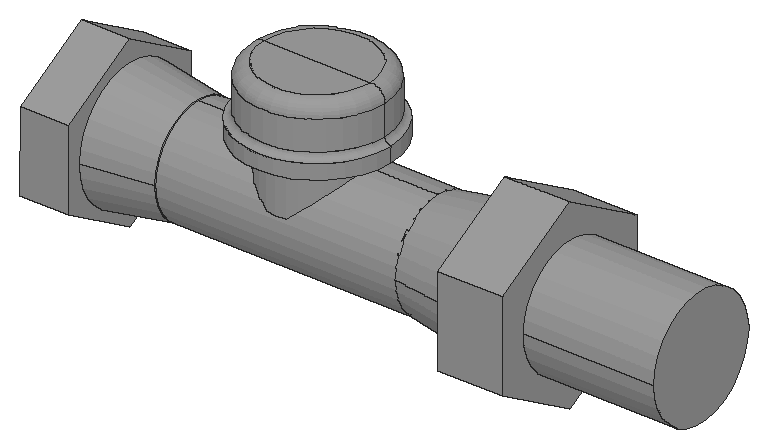
Revit family "BIMLIB_Термостатический_клапан_TGD_РОСТерм", category Арматура трубопроводов, Revit 2017
Family settings
  Размер круглого соединителя = Использовать диаметр
  Тип детали = Клапан - Вставляется
  На основе рабочей плоскости = Нет
  Всегда вертикально = Нет
  При загрузке вырезать с полостями = Нет
  Общий = Нет
Parameters (values of type "HEIZEN TGD")
  РТ_Тип_клапана [instance] = if(РТ_DN = 15.00 mm, DN15, DN20)  # BIMLIB_Термостатический_клапан_TGD_РОСТерм_DN20 : DN 20
  РТ_Термоэлемент [instance] = no
  РТ_Перепад давления [instance] = if(or(РТ_DN = 15.00 mm, РТ_DN = 20.00 mm), 100.0 kPa, 0.0 kPa)  # 100.0 kPa
  РТ_Номинальное давление = 10.0 bar  # constant formula
  РТ_not(Термоэлемент) [instance] = if(not(РТ_Термоэлемент), 1 = 1, 0 = 1)  # yes
  РТ_L2 [instance] = if(РТ_DN = 15.00 mm, 47.50 mm, if(РТ_DN = 20.00 mm, 52.50 mm, 0.00 mm))  # 52.50 mm
  РТ_L1 [instance] = if(РТ_DN = 15.00 mm, 47.50 mm, if(РТ_DN = 20.00 mm, 52.50 mm, 0.00 mm))  # 52.50 mm
  РТ_Kvs [instance] = if(РТ_Термоэлемент, 1.68 m³/h, if(and(РТ_DN = 15.00 mm, not(РТ_Термоэлемент)), 2.7 m³/h, if(and(РТ_DN = 20.00 mm, not(РТ_Термоэлемент)), 3.1 m³/h, 0.0 m³/h)))  # 3.1 m³/h
  Loss Method = (empty or 0)
  K Coefficient = 0
  built-in parameter 1114242 [instance] = (empty or 0)
  URL = "http://rostherm.ru/"
  Изготовитель = "РОСТерм"  # constant formula
  Model = ""
  Описание = "Термостатический радиаторный клапан с повышенной пропускной способностью для однотрубных гравитационных систем отопления или систем с высоким значением расхода. Возможно исполнение в прямом и угловом вариантах. Подходит для всех термостатических элементов Heizen, кроме элементов 3 серии с клипсовым соединением"
  Assembly Code = ""
  DN20 [instance] = BIMLIB_Термостатический_клапан_TGD_РОСТерм_DN20 : DN 20
  DN15 [instance] = BIMLIB_Термостатический_клапан_TGD_РОСТерм_DN15 : DN 15
  РТ_DN [instance] = 20.00 mm
  BL_Разработано = "support@bimlib.ru"  # constant formula
  BL_Email = "rostherm@bimlib.ru"  # constant formula
  BL_BIM library = "https://bimlib.pro/manufacturer/rosterm/1632/"
  ADSK_Расход жидкости [instance] = 0.0 m³/h
  ADSK_Размер_Длина [instance] = if(РТ_DN = 15.00 mm, 76.70 mm, if(РТ_DN = 20.00 mm, 82.70 mm, 0.00 mm))  # 82.70 mm
  ADSK_Примечание = ""
  ADSK_Позиция = ""
  ADSK_Обозначение [instance] = if(РТ_DN = 15.00 mm, "ГОСТ 30815-2002", if(РТ_DN = 20.00 mm, "ГОСТ 30815-2002", "-"))  # "ГОСТ 30815-2002"
  ADSK_Наименование краткое [instance] = if(РТ_DN = 15.00 mm, "TGD 1101-15", if(РТ_DN = 20.00 mm, "TGD 1101-20", "-"))  # "TGD 1101-20"
  ADSK_Наименование [instance] = if(РТ_DN = 15.00 mm, "ТЕРМОСТАТИЧЕСКИЙ КЛАПАН С ПОВЫШЕННОЙ ПРОПУСКНОЙ СПОСОБНОСТЬЮ TGD 1101 Ду15", if(РТ_DN = 20.00 mm, "ТЕРМОСТАТИЧЕСКИЙ КЛАПАН С ПОВЫШЕННОЙ ПРОПУСКНОЙ СПОСОБНОСТЬЮ TGD 1101 Ду20", "-"))  # "ТЕРМОСТАТИЧЕСКИЙ КЛАПАН С ПОВЫШЕННОЙ ПРОПУСКНОЙ СПОСОБНОСТЬЮ TGD 1101 Ду20"
  ADSK_Материал = BIMLIB_Латунь_РТ
  ADSK_Масса_Текст = ""
  ADSK_Масса = 0
  ADSK_Марка [instance] = if(РТ_DN = 15.00 mm, "TGD 1101 Ду15", if(РТ_DN = 20.00 mm, "TGD 1101 Ду20", "-"))  # "TGD 1101 Ду20"
  ADSK_Код изделия [instance] = if(РТ_DN = 15.00 mm, "TGD 1101-15", if(РТ_DN = 20.00 mm, "TGD 1101-20", "-"))  # "TGD 1101-20"
  ADSK_Завод-изготовитель = "Heizen"  # constant formula
  ADSK_Единица измерения = "шт."  # constant formula
  ADSK_Версия Revit = "2017"  # constant formula
  ADSK_URL страницы изделия = "http://rostherm.ru/termostatika/"
  ADSK_URL документации изделия = "http://rostherm.ru/"
Reference planes
  plane 1 "Centro (Fronte/Retro)": y = 0
  plane 2: z = 0
  plane 3 "Centro (Sinistra/Destra)": x = 0
  plane 4: z = 10.993
Lines and regions (mm)
  reference lines
    curve 1: line (52.5, 0, 119.883) -> (52.5, 0, -125.117)
    curve 2: line (-52.5, 0, 119.883) -> (-52.5, 0, -125.117)
    curve 3: line (52.5, 0, 0) -> (-52.5, 0, 0)
Dimensions and locks
  "РТ_L1": plane 3 "Centro (Sinistra/Destra)" to curve 2
  "РТ_L2": curve 1 to plane 3 "Centro (Sinistra/Destra)"
  aligned and locked: level to plane 2
  aligned and locked: curve 3 to nested 1
  aligned and locked: nested 3 to nested 1
  aligned and locked: nested 1 to curve 1
  aligned and locked: nested 2 to curve 2
  aligned and locked: nested 4 to plane 1 "Centro (Fronte/Retro)"
  aligned and locked: nested 4 to plane 4
  aligned and locked: curve 2 to plane 1 "Centro (Fronte/Retro)"
  aligned and locked: nested 1 to nested 4
Automatic sketch dimensions
  curve 3 to level = 0.00 mm
  curve 2 to curve 3 = 125.117 mm
  curve 1 to curve 2 = 0.00 mm  (x2)
  curve 2 to plane 4 = 108.89 mm
Nested families
  nested 1: "BIMLIB_Термостатический_клапан_TGD_РОСТерм_DN20" at (-12.5, 0, 0), type <- "РТ_Тип_клапана", ADSK_Материал <- "ADSK_Материал", РТ_Термоголовка <- "РТ_not(Термоэлемент)", type "DN 20", detail levels medium+fine
    with ADSK_Материал BIMLIB_Латунь_РТ
  nested 2: "УГО_Фронт" at (-11.15, 0, 0), Длина <- "ADSK_Размер_Длина", type "УГО_Фронт", detail levels coarse
    with Длина 82.70 mm
  nested 3: "УГО" at (-11.15, 0, 0), Длина <- "ADSK_Размер_Длина", type "УГО", detail levels coarse
    with Длина 82.70 mm
  nested 4: "BIMLIB_ТермоголовкаTW_РОСТерм" at (-12.5, 0, 13.692) x (0, 1, 0) z (0, 0, 1), visible <- "РТ_Термоэлемент", type "HEIZEN_TW", detail levels medium+fine
    with ADSK_Обозначение "ГОСТ 30815-2002", ADSK_Наименование "ЭКОНОМИЧНЫЙ ТЕРМОСТАТИЧЕСКИЙ ЭЛЕМЕНТ HEIZEN СЕРИИ TW", ADSK_Марка "Heizen TW-1", ADSK_Код изделия "Heizen TW-1"
Connectors
  piping at (-52.5, 0, 0), diameter 20, driven by "ADSK_Расход жидкости", driven by "РТ_DN"
    settings: on curve 3, index 1, connector inside diameter 609.6 mm, connector length 0.00 mm, flow factor 0, pipe flow 0.0 m³/h, pressure drop 0.0 kPa, fitting loss kfactor 0, connector angle 0.00°, fixture units 0, engagement length 0.00 mm, angle of deflection 0.00°, flow configuration 0, flow direction 0, fitting loss method 0, system type 29, joint type 0, gender type 0, connector reference index 2, connector utility 0, adjustable connector no, is connector primary no, connector description ""
  piping at (30.231, 0, 0), diameter 20, driven by "ADSK_Расход жидкости", driven by "РТ_DN"
    settings: on nested 1, index 2, connector inside diameter 609.6 mm, connector length 0.00 mm, flow factor 0, pipe flow 0.0 m³/h, pressure drop 0.0 kPa, fitting loss kfactor 0, connector angle 0.00°, fixture units 0, engagement length 0.00 mm, angle of deflection 0.00°, flow configuration 0, flow direction 0, fitting loss method 0, system type 29, joint type 0, gender type 0, connector reference index 1, connector utility 0, adjustable connector no, is connector primary yes, connector description ""
Definition of nested family "BIMLIB_Термостатический_клапан_TGD_РОСТерм_DN20"
  Parameters (values of type "DN 20")
    РТ_Термоголовка [instance] = yes
    РОСТерм_DN = 20.00 mm
    URL = ""
    Manufacturer = ""
    Description = ""
    ADSK_Материал [instance] = none
  Reference planes
    plane 1 "Center (Front/Back)": y = 0
    plane 2 "XYPLANE": z = 0
    plane 3 "Center (Left/Right)": x = 0
    plane 4 "63": y = 0
    plane 5 "62": z = 0
    plane 6 "57": y = 0
    plane 7 "54": z = 0
    plane 8 "53": y = 0
    plane 9 "49": y = 0
    plane 10 "48": z = 0
    plane 11: x = 65
    plane 12: x = -40
    plane 13: z = 22
  Forms (mm)
    Blend 1, solid, material <- "ADSK_Материал", detail levels medium+fine
      base sketch origin (-36.308, -750, 0) x (0, 1, 0) y (0, 0, 1)
        loop
          circle (750, 0) r 10.8
      top sketch origin (-36.308, -750, 0) x (0, 1, 0) y (0, 0, 1)
        loop
          circle (750, 0) r 9
      from 0 to 11.5
    Extrusion 2, solid, material <- "ADSK_Материал", detail levels medium+fine
      sketch origin (44.731, -750, 0) x (0, 1, 0) y (0, 0, 1)
        loop
          circle (750, 0) r 10
      from -2 to 20.269
    Extrusion 3, solid, material <- "ADSK_Материал", detail levels medium+fine
      sketch origin (-40, -750, 0) x (0, 1, 0) y (0, 0, 1)
        loop
          line (750, 14.222) -> (737.059, 6.75) -> (737.059, -6.75) -> (750, -14.222) -> (762.941, -6.75) -> (762.941, 6.75) -> (750, 14.222)
      from 0 to 8.192
    Extrusion 4, solid, material <- "ADSK_Материал", not visible, detail levels medium+fine
      sketch origin (-38.5, -750, 0) x (0, 1, 0) y (0, 0, 1)
        loop
          circle (750, 0) r 10
      from -5.809 to 3.099
    Extrusion 5, solid, material <- "ADSK_Материал", detail levels medium+fine
      sketch origin (31.808, -750, 0) x (0, 1, 0) y (0, 0, 1)
        loop
          line (750, 15.722) -> (735.76, 7.5) -> (735.76, -7.5) -> (750, -15.722) -> (764.24, -7.5) -> (764.24, 7.5) -> (750, 15.722)
      from 0 to 10.923
    Extrusion 6, solid, material <- "ADSK_Материал", detail levels medium+fine
      sketch origin (-747.167, 0, 17.5) x (1, 0, 0) y (0, 1, 0)
        loop
          circle (747.167, 0) r 8.8
      from -17.5 to -6.507
    Revolve 7, solid, material <- "ADSK_Материал", detail levels medium+fine
      sketch origin (0, 0, 0) x (1, 0, 0) y (0, 0, 1)
        loop
          line (24.808, 0) -> (24.808, 9) -> (-24.808, 9) -> (-24.808, 0) -> (24.808, 0)
        axis (-24.808, 0) -> (24.808, 0)
      angle from 0 to 360
    Revolve 8, solid, material <- "ADSK_Материал", visible <- "РТ_Термоголовка", detail levels medium+fine
      sketch origin (0, 0, 0) x (1, 0, 0) y (0, 0, 1)
        loop
          line (0, 10.993) -> (0, 22) -> (-8.995, 22)
          arc (-8.995, 22) -> (-10.679, 21.302) -> (-11.376, 19.619) r 2.381
          line (-11.376, 19.619) -> (-11.376, 14.619)
          arc (-11.376, 14.619) -> (-11.704, 13.828) -> (-12.495, 13.5) r 1.119
          line (-12.495, 13.5) -> (-12.495, 10.993) -> (0, 10.993)
        axis (0, 22) -> (0, 10.993)
      angle from 0 to 360
    Blend 9, solid, material <- "ADSK_Материал", detail levels medium+fine
      base sketch origin (36.308, -750, 0) x (0, 1, 0) y (0, 0, -1)
        loop
          circle (750, 0) r 10.8
      top sketch origin (36.308, -750, 0) x (0, 1, 0) y (0, 0, -1)
        loop
          circle (750, 0) r 9
      from 0 to 11.5
  Cuts and joins
    joined: Extrusion 6, Revolve 7
  Lines and regions (mm)
    reference lines
      curve 1: circle (13.744, 0, 0) r 1 normal (1, 0, 0)
      curve 2: circle (-35.5, 0, 0) r 1 normal (1, 0, 0)
  Text (mm)
    text "© Progman Oy, all rights reserved" at (-472.209, -2482.653, 0), in view "Ref. Level"
  Dimensions and locks
    locked: plane 1 "Center (Front/Back)" to plane 4 "63"
    locked: plane 2 "XYPLANE" to plane 5 "62"
    locked: plane 1 "Center (Front/Back)" to plane 6 "57"
    locked: plane 2 "XYPLANE" to plane 7 "54"
    locked: plane 1 "Center (Front/Back)" to plane 8 "53"
    locked: plane 1 "Center (Front/Back)" to plane 9 "49"
    locked: plane 2 "XYPLANE" to plane 10 "48"
    curve 2 to Extrusion 3 sketch curve = 12.316 mm  (x4)
    curve 2 to Extrusion 3 sketch curve = 14.222 mm  (x2)
    curve 2 to Extrusion 3 sketch curve = 12.941 mm  (x2)
    curve 2 to Extrusion 3 sketch curve = 14.596 mm  (x4)
    plane 11 to plane 12 = 105.00 mm
    plane 13 to level = 22.00 mm
    radius of Blend 1 sketch curve = 9.00 mm
    radius of Blend 1 sketch curve = 10.80 mm
    radius of Blend 9 sketch curve = 9.00 mm
    radius of Blend 9 sketch curve = 10.80 mm
    aligned and locked: level to plane 2 "XYPLANE"
    aligned and locked: Extrusion 2 to Extrusion 5
    aligned and locked: Revolve 7 sketch curve to plane 2 "XYPLANE"
    aligned and locked: plane 11 to Extrusion 2
    aligned and locked: Extrusion 6 to level
    aligned and locked: Extrusion 6 to Revolve 8
Definition of nested family "BIMLIB_ТермоголовкаTW_РОСТерм"
  Parameters (values of type "HEIZEN_TW")
    РТ_Материал_Основание = none
    РТ_D/2 = 15.00 mm
    Default Elevation = 1219.20 mm
    K Coefficient = 0
    URL = "http://rostherm.ru"
    Manufacturer = "РОСТерм"  # constant formula
    Model = ""
    Description = "Термостатическая головка Heizen (Хейзен) серии TW-1 устанавливается на термостатический клапан с помощью резьбового соединения, подкрученного в ручную на корпус клапана."
    Assembly Code = ""
    BL_Разработано = "support@bimlib.ru"  # constant formula
    BL_Email = "rostherm@bimlib.ru"  # constant formula
    BL_BIM library = "https://bimlib.pro/manufacturer/rosterm/1632/"
    ADSK_Примечание = ""
    ADSK_Позиция = ""
    ADSK_Обозначение [instance] = "ГОСТ 30815-2002"  # constant formula
    ADSK_Наименование краткое = "Heizen TW-1"  # constant formula
    ADSK_Наименование [instance] = "ЭКОНОМИЧНЫЙ ТЕРМОСТАТИЧЕСКИЙ ЭЛЕМЕНТ HEIZEN СЕРИИ TW"  # constant formula
    ADSK_Материал = none
    ADSK_Масса_Текст = ""
    ADSK_Масса = 0
    ADSK_Марка [instance] = "Heizen TW-1"  # constant formula
    ADSK_Код изделия [instance] = "Heizen TW-1"  # constant formula
    ADSK_Завод-изготовитель = "Heizen"  # constant formula
    ADSK_Единица измерения = "шт."  # constant formula
    ADSK_Версия Revit = "2017"  # constant formula
    ADSK_URL страницы изделия = "http://rostherm.ru/termostatika/"
    ADSK_URL документации изделия = "http://rostherm.ru"
  Reference planes
    plane 1 "Centro (Fronte/Retro)": y = 0
    plane 2: z = 0
    plane 3 "Centro (Sinistra/Destra)": x = 0
    plane 4: x = -13.305
    plane 5: z = -2.699
  Forms (mm)
    Revolve 1, solid, material <- "РТ_Материал_Основание", detail levels medium+fine
      sketch origin (0, 0, 0) x (1, 0, 0) y (0, 0, 1)
        loop
          line (0, 0) -> (0, 15.54) -> (-24.955, 15.54) -> (-24.955, 4.765) -> (-12.823, 2.873) -> (-13.305, 2.158) -> (-13.305, 1.368) -> (-13, 0) -> (0, 0)
        axis (0, 15.54) -> (0, 0)
      angle from 0 to 360
    Revolve 2, solid, material <- "РТ_Материал_Основание", detail levels medium+fine
      sketch origin (0, 0, 0) x (1, 0, 0) y (0, 0, 1)
        loop
          line (-13.5, 1.732) -> (-14.414, 0.818)
          arc (-14.414, 0.818) -> (-14.848, 0.169) -> (-15, -0.596) r 2
          line (-15, -0.596) -> (-15, -1.4)
          arc (-15, -1.4) -> (-14.866, -1.9) -> (-14.5, -2.266) r 1
          line (-14.5, -2.266) -> (-13.75, -2.699) -> (0, -2.699) -> (0, 1.732) -> (-13.5, 1.732)
        axis (0, 1.732) -> (0, -2.699)
      angle from 0 to 360
    Revolve 3, solid, material <- "ADSK_Материал", detail levels medium+fine
      sketch origin (0, 0, 0.077) x (1, 0, 0) y (0, 0, 1)
        loop
          line (0, 15.463) -> (0, 23.9) -> (0, 76.638)
          arc (0, 76.638) -> (-5.366, 76.468) -> (-10.725, 76.137) r 180
          arc (-10.725, 76.137) -> (-18.998, 66.103) -> (-21.961, 53.44) r 28.543
          line (-21.961, 53.44) -> (-21.961, 26.669) -> (-21.961, 19.052) -> (-19.519, 19.052) -> (-19.519, 15.463) -> (0, 15.463)
        axis (0, 76.638) -> (0, 15.463)
      angle from 0 to 360
    Extrusion 4, void
      sketch origin (5.658, 0, -0.169) x (1, 0, 0) y (0, 1, 0)
        loop
          circle (-5.658, 21.88) r 2
        loop
          circle (16.24, 0.018) r 2
        loop
          circle (9.961, 15.281) r 2
        loop
          circle (2.394, 20.228) r 2
        loop
          circle (14.542, 8.542) r 2
        loop
          circle (-21.277, 15.281) r 2
        loop
          circle (-13.71, 20.228) r 2
        loop
          circle (-25.858, 8.542) r 2
        loop
          circle (-27.556, 0.018) r 2
        loop
          circle (-5.658, -21.88) r 2
        loop
          circle (9.961, -15.281) r 2
        loop
          circle (2.394, -20.228) r 2
        loop
          circle (14.542, -8.542) r 2
        loop
          circle (-21.277, -15.281) r 2
        loop
          circle (-13.71, -20.228) r 2
        loop
          circle (-25.858, -8.542) r 2
      from 30.499 to 86.893
  Cuts and joins
    Extrusion 4 cuts Revolve 1
    Extrusion 4 cuts Revolve 3
  Dimensions and locks
    "РТ_D/2": plane 3 "Centro (Sinistra/Destra)" to Revolve 2 sketch curve
    Revolve 2 sketch curve to Revolve 2 sketch curve = 4.431 mm
    aligned and locked: level to plane 2
    aligned and locked: Revolve 1 sketch curve to Revolve 1 sketch curve
    aligned and locked: Revolve 2 sketch curve to Revolve 2 sketch curve
    aligned and locked: Revolve 3 sketch curve to Revolve 3 sketch curve
    aligned and locked: Revolve 3 sketch curve to Revolve 1
  Automatic sketch dimensions
    Revolve 1 sketch curve to plane 4 = 0.00 mm
    Revolve 1 sketch curve to level = 0.00 mm  (x2)
    Revolve 1 sketch curve to plane 3 "Centro (Sinistra/Destra)" = 0.00 mm
    level to Revolve 1 sketch curve = 4.765 mm
    Revolve 1 sketch curve to plane 4 = 11.649 mm
    plane 4 to Revolve 1 sketch curve = 0.305 mm
    plane 4 to Revolve 1 sketch curve = 0.483 mm
    level to Revolve 1 sketch curve = 1.368 mm
    Revolve 1 sketch curve to Revolve 1 sketch curve = 0.79 mm
    Revolve 1 sketch curve to Revolve 1 sketch curve = 0.715 mm
    level to Revolve 1 sketch curve = 15.54 mm
    Revolve 1 sketch curve to Revolve 1 sketch curve = 21.96 mm
    Revolve 3 sketch curve to plane 3 "Centro (Sinistra/Destra)" = 0.00 mm
    Revolve 3 sketch curve to plane 3 "Centro (Sinistra/Destra)" = 19.519 mm
    Revolve 3 sketch curve to Revolve 3 sketch curve = 2.442 mm
    plane 3 "Centro (Sinistra/Destra)" to Revolve 3 sketch curve = 3.039 mm
    plane 3 "Centro (Sinistra/Destra)" to Revolve 3 sketch curve = 6.582 mm
    Revolve 3 sketch curve to Revolve 3 sketch curve = 3.59 mm
    Revolve 3 sketch curve to Revolve 3 sketch curve = 8.437 mm
    Revolve 3 sketch curve to Revolve 3 sketch curve = 7.616 mm
    Revolve 3 sketch curve to Revolve 3 sketch curve = 29.54 mm
    Revolve 3 sketch curve to Revolve 3 sketch curve = 23.198 mm
    Revolve 3 sketch curve to plane 3 "Centro (Sinistra/Destra)" = 10.725 mm
    Revolve 3 sketch curve to Revolve 3 sketch curve = 0.437 mm
    Revolve 3 sketch curve to Revolve 3 sketch curve = 2.938 mm
    Extrusion 4 sketch curve to plane 3 "Centro (Sinistra/Destra)" = 0.00 mm  (x2)
    Extrusion 4 sketch curve to plane 3 "Centro (Sinistra/Destra)" = 8.052 mm  (x2)
    Extrusion 4 sketch curve to Extrusion 4 sketch curve = 7.567 mm  (x4)
    Extrusion 4 sketch curve to Extrusion 4 sketch curve = 4.581 mm  (x4)
    Extrusion 4 sketch curve to plane 1 "Centro (Fronte/Retro)" = 0.018 mm  (x2)
    Extrusion 4 sketch curve to Extrusion 4 sketch curve = 1.698 mm  (x2)
    plane 3 "Centro (Sinistra/Destra)" to Extrusion 4 sketch curve = 8.052 mm  (x2)
    plane 1 "Centro (Fronte/Retro)" to Extrusion 4 sketch curve = 8.542 mm  (x2)
    Extrusion 4 sketch curve to Extrusion 4 sketch curve = 6.74 mm  (x4)
    Extrusion 4 sketch curve to Extrusion 4 sketch curve = 4.946 mm  (x4)
    Extrusion 4 sketch curve to Extrusion 4 sketch curve = 1.652 mm  (x2)
    Extrusion 4 sketch curve to plane 1 "Centro (Fronte/Retro)" = 8.542 mm  (x2)
    Revolve 2 sketch curve to plane 5 = 0.00 mm
    Revolve 2 sketch curve to plane 3 "Centro (Sinistra/Destra)" = 0.00 mm
    plane 5 to Revolve 2 sketch curve = 0.433 mm
    Revolve 2 sketch curve to Revolve 2 sketch curve = 0.50 mm  (x2)
    level to Revolve 2 sketch curve = 0.818 mm
    Revolve 2 sketch curve to Revolve 2 sketch curve = 0.586 mm
    Revolve 2 sketch curve to Revolve 2 sketch curve = 0.75 mm
    Revolve 2 sketch curve to Revolve 2 sketch curve = 0.914 mm
    Revolve 2 sketch curve to level = 0.596 mm
    Revolve 2 sketch curve to plane 5 = 3.301 mm
    Revolve 2 sketch curve to Revolve 2 sketch curve = 4.268 mm
    radius of Extrusion 4 sketch curve = 2.00 mm  (x16)
Definition of nested family "УГО_Фронт"
  Parameters (values of type "УГО_Фронт")
    Loss Method = (empty or 0)
    Длина [instance] = 100.00 mm
  Reference planes
    plane 1 "Centro (Fronte/Retro)": y = 0
    plane 2: z = 0
    plane 3 "Centro (Sinistra/Destra)": x = 0
    plane 4: through (4267.2, 0, 0) normal (0, -0.7071, 0.7071)
    plane 5: x = 50
    plane 6: x = -50
  Lines and regions (mm)
    model lines, detail levels coarse
      curve 1: line (50, 0, -30) -> (50, 0, 30)
      curve 2: line (-50, 0, -30) -> (-50, 0, 30)
      curve 3: line (50, 0, 30) -> (-50, 0, -30)
      curve 4: line (-50, 0, 30) -> (50, 0, -30)
  Dimensions and locks
    equal spacing: plane 5, plane 3 "Centro (Sinistra/Destra)", plane 6
    "Длина": plane 5 to plane 6
    aligned and locked: level to plane 2
  Automatic sketch dimensions
    curve 3 to plane 6 = 0.00 mm
    curve 3 to plane 5 = 0.00 mm
    level to curve 1 = 30.00 mm
    curve 3 to level = 30.00 mm
    curve 4 to level = 30.00 mm
    level to curve 2 = 30.00 mm
Definition of nested family "УГО"
  Parameters (values of type "УГО")
    Loss Method = (empty or 0)
    Длина [instance] = 100.00 mm
  Reference planes
    plane 1 "Centro (Fronte/Retro)": y = 0
    plane 2: z = 0
    plane 3 "Centro (Sinistra/Destra)": x = 0
    plane 4: through (4267.2, 0, 0) normal (0, -0.7071, 0.7071)
    plane 5: x = 50
    plane 6: x = -50
  Lines and regions (mm)
    symbolic lines
      curve 1: line (-50, -40, 0) -> (50, 40, 0)
      curve 2: line (50, -40, 0) -> (-50, 40, 0)
      curve 3: line (50, 40, 0) -> (50, -40, 0)
      curve 4: line (-50, 40, 0) -> (-50, -40, 0)
  Dimensions and locks
    equal spacing: plane 5, plane 3 "Centro (Sinistra/Destra)", plane 6
    "Длина": plane 5 to plane 6
    aligned and locked: level to plane 2
    aligned and locked: curve 3 to plane 5
    aligned and locked: curve 4 to plane 6
  Automatic sketch dimensions
    plane 1 "Centro (Fronte/Retro)" to curve 3 = 40.00 mm
    plane 1 "Centro (Fronte/Retro)" to curve 4 = 40.00 mm
    curve 4 to plane 1 "Centro (Fronte/Retro)" = 40.00 mm
    curve 1 to plane 1 "Centro (Fronte/Retro)" = 40.00 mm
